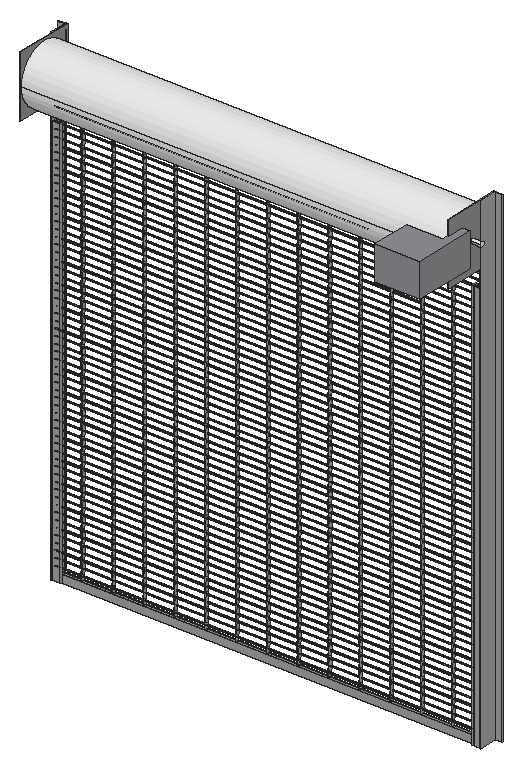
Revit family "Doors_Industrial_Overhead-Door-Corporation_Upward-Coiling-Security-Grilles-670_", category Specialty Equipment, host Wall, Revit 2019
Family settings
  Host = Wall
  Round Connector Dimension = Use Diameter
  Part Type = Normal
  OmniClass Number = 23.30.10.21.34
  OmniClass Title = Industrial Doors
  Always vertical = Yes
  Cut with Voids When Loaded = Yes
  Shared = No
  Room Calculation Point = No
Parameters (values of type "115 volts, one phase, 60 Hz (110-120V range)")
  Warning Sign [instance] = if(Calculated Area > 683.00 SF, 1 = 1, 1 = 2)  # no
  Warning (Note) [instance] = if(Warning Sign, "The Door Area is out of the limit; please adjust accordingly. The maximum allowed area is 683 sq. ft.", if(Opening Height > 360", "Headroom Clearance Dimensions - out of the limits. Consult Factory", " "))  # " "
  Wall Thickness [instance] = 6"
  Voltage = 115 V
  True Opening Width [instance] = if(Between Jambs Mounting, Door Width True, Clear Width)  # 120"
  True Opening Height [instance] = if(Between Jambs Mounting, Clear Height + Headroom Height, Clear Height)  # 120"
  M2 Value [instance] = if(Face Of Wall Mounting, 4 3/4", 5 1/2")  # 4 3/4"
  Jamb Offset 2 [instance] = if(Between Jambs Mounting, BJ Displacement Real 2 + G Value, 0")  # 0"
  Door Half 1 [instance] = if(Between Jambs Mounting, Clear Width / 2 + BJ Displacement Real 1 + G Value, Clear Width / 2 + M1 Value)  # 64 3/4"
  Curtain Type [instance] = if(Curtain Option < 2, "Lattice", if(Curtain Option = 2, "Brick", "Lexan"))  # "Lattice"
  Curtain Option [instance] = 1
  Slat Length [instance] = Clear Width + G Value * 2 - 1" / 2 * 2  # 124"
  Slat Height [instance] = if(Curtain Option < 3, 8", 11 1/2")  # 8"
  Slat [instance] = if(Curtain Option < 2, 1, if(Curtain Option = 2, 2, 3))  # 1
  Product Page URL = "https://www.overheaddoor.com/upward-coiling-security-grilles-670"
  Power Factor = 1
  Powder Coat (Note) = "PowderGuard® Premium powder coat finish options are available in approximately 200 colors as well as custom matching to specification. PowderGuard® Textured finish, a thicker, more scratch resistant coat, is available in 11 colors providing enhanced scratch resistance as well as aiding in hiding the dirt and blemishes that often occur in commercial environments.​"  # constant formula
  Operator Visibility = yes
  Operation (Note) [instance] = "Door could operate by manual push, crank, electrical operator or chain hoist. Manual push up and crank could be used up to 80 sf, for larger door sizes you have to use Chain Hoist operator."  # constant formula
  Opening Width Real [instance] = if(Opening Width > Max Opening Width, Max Opening Width, if(Opening Width < Min Opening Width, Min Opening Width, Opening Width))  # 120"
  Opening Width [instance] = 120"
  Opening Height Real [instance] = if(Opening Height > Max Opening Height, Max Opening Height, if(Opening Height < Min Opening Height, Min Opening Height, Opening Height))  # 120"
  Opening Height [instance] = 120"
  One Array element [instance] = not(Array Vis)  # no
  Number of Poles = 1
  Motor Type [instance] = if(Between Jambs Mounting, if(Motor Option < 2, "CDX", if(Motor Option = 2, "E-Egress", if(Motor Option = 3, "RSX Front of Hood", "RSX Top of Hood"))), if(Motor Option < 2, "CDX", if(Motor Option = 2, "E-Egress", if(Motor Option = 3, "RSX Front of Hood", if(Motor Option = 4, "RSX Top of Hood", if(Motor Option = 5, "RSX Wall Mount", "RSX Bench Mount"))))))  # "CDX"
  Motor Selection (Note) [instance] = "Generic operator shown. Contact Overhead Door when dimensions are critical. "  # constant formula
  Motor Position [instance] = M1 Value - G Value  # 2 1/4"
  Motor Option Real [instance] = if(Between Jambs Mounting, if(Motor Option < 1, 1, if(Motor Option > 4, 4, Motor Option)), if(Motor Option < 1, 1, if(Motor Option > 6, 6, Motor Option)))  # 1
  Motor Option [instance] = 1
  Min Opening Width [instance] = 76"  # constant formula
  Min Opening Height [instance] = 76"  # constant formula
  Max Opening Width [instance] = 364"  # constant formula
  Max Opening Height [instance] = 208"  # constant formula
  M1 Value [instance] = if(Face Of Wall Mounting, 4 3/4", if(Chain Hoist or Manual, 5 1/2", 9 1/2"))  # 4 3/4"
  Lookup BD (A) [instance] = if(or(Opening Height Real < 79", Opening Height Real = 79"), 15", if(or(Opening Height Real < 130", Opening Height Real = 130"), 17", if(or(Opening Height Real < 190", Opening Height Real = 190"), 19", if(or(Opening Height Real < 234", Opening Height Real = 234"), 21", if(or(Opening Height Real < 270", Opening Height Real = 270"), 23", 25")))))  # 17"
  Jamb Offset 1 [instance] = if(Between Jambs Mounting, BJ Displacement Real 1 + G Value, 0")  # 0"
  Installation Real [instance] = if(Between Jambs Mounting, if((Wall Thickness / 2 - Guid Depth / 2) < 0", 0", Wall Thickness / 2 - Guid Depth / 2), Wall Thickness)  # 6"
  Hood Type [instance] = if(Hood Option < 2, "No Hood", if(Hood Option = 2, "Square Hood", if(Hood Option = 3, "Octagon Hood", "Round Hood")))  # "No Hood"
  Hood Option [instance] = 1
  Hood Offset [instance] = if(Chain Hoist or Manual, 3", 5")  # 5"
  Hood Material [instance] = Metal - Overhead Door - Gray
  Hood Height [instance] = [Lookup HH (B)]  # 18"
  Lookup HH (B) [instance] = if(or(Opening Height Real < 79", Opening Height Real = 79"), 16", if(or(Opening Height Real < 130", Opening Height Real = 130"), 18", if(or(Opening Height Real < 190", Opening Height Real = 190"), 20", if(or(Opening Height Real < 234", Opening Height Real = 234"), 22", if(or(Opening Height Real < 270", Opening Height Real = 270"), 24", 26")))))  # 18"
  Headroom Height Real [instance] = [Lookup HH (B)] + Hood Offset  # 23"
  Headroom Height [instance] = if(Between Jambs Mounting, Headroom Height Real, if(Hood Option > 1, Headroom Height Real + 1 1/2", Headroom Height Real))  # 23"
  Guide Type [instance] = if(Between Jambs Mounting, "Angled Between Jambs Z Guide", "Angled Z Guide")  # "Angled Z Guide"
  Guide Option [instance] = if(Between Jambs Mounting, 1, 2)  # 2
  Guid Depth [instance] = if(Between Jambs Mounting, D Value + 1/4", D Value)  # 5 1/2"
  G Value [instance] = 2 1/2"  # constant formula
  Frequency = 60 Hz
  Face of Wall Offset [instance] = if(Between Jambs Mounting, 0", 5")  # 5"
  Face Of Wall Mounting [instance] = not(Between Jambs Mounting)  # yes
  Door Width True [instance] = if(Between Jambs Mounting, Clear Width + BJ Displacement Real 1 + BJ Displacement Real 2 + G Value * 2, Clear Width + M1 Value + M2 Value)  # 129 1/2"
  Door Width (Real) [instance] = if(Between Jambs Mounting, Clear Width, Clear Width + 1" / 2)  # 120 1/2"
  Door Height True [instance] = Clear Height + Headroom Height  # 143"
  Door Height (Real) [instance] = Clear Height + Hood Offset  # 125"
  URL = "https://www.overheaddoor.com/"
  Product data url = "https://www.bimobject.com/overhead-door/product/upward-coiling-security-grilles-670"
  Product Guid = "38fa45e2-4d64-4162-86b7-279b625c2ae0"
  Model = "670"  # constant formula
  Manufacturer = "Overhead Door Corporation"  # constant formula
  Wall Closure = By host
  Floor To (CL) of Shaft [instance] = Clear Height + Hood Height / 2 + Hood Offset  # 134"
  Finish Material = Metal - Overhead Door - Aluminum
  Description = "Model 670 Security Grille"  # constant formula
  D Value [instance] = 5 1/2"  # constant formula
  Curtain Material [instance] = Metal - Overhead Door - Aluminum
  Clear Width [instance] = if(Between Jambs Mounting, Opening Width Real - BJ Displacement Real 1 - BJ Displacement Real 2 - G Value * 2, Opening Width Real)  # 120"
  Clear Height [instance] = if(Between Jambs Mounting, Opening Height Real - Headroom Height, Opening Height Real)  # 120"
  Chain Hoist or Manual = no
  Current = 20 A
  Connector Array Distance = 0"  # constant formula
  Connector Array = if(Chain Hoist or Manual, 2, 3)  # 3
  Between Jambs Mounting [instance] = no
  Between Jambs Guides Offset 2 [instance] = M2 Value - G Value  # 2 1/4"
  Between Jambs Guides Offset 1 [instance] = M1 Value - G Value  # 2 1/4"
  Bar [instance] = if(and(Hood Option > 1, Face Of Wall Mounting), 1 = 1, 1 = 2)  # no
  Backroom Depth [instance] = [Lookup BD (A)]  # 17"
  BJ Opening Cut [instance] = if(Between Jambs Mounting, Headroom Height, 0")  # 0"
  BJ Displacement Real 2 [instance] = if(Between Jambs Mounting, Between Jambs Guides Offset 2, 0")  # 0"
  BJ Displacement Real 1 [instance] = if(Between Jambs Mounting, Between Jambs Guides Offset 1, 0")  # 0"
  Array Vis [instance] = if(Array < 2, 1 = 2, 1 = 1)  # yes
  Array Real [instance] = if(Array < 2, 2, Array)  # 16
  Array Length [instance] = (Array) * Slat Height  # 128"
  Array [instance] = rounddown(([Door Height (Real)] - 3") / Slat Height) + 1  # 16
  Calculated Area [instance] = [Door Width (Real)] * [Door Height (Real)]  # 104.601 SF
  Apparent Load Phase 3 = if(Number of Poles = 1, 0 VA, (Voltage * Current * sqrt(3)) / 3)  # 0 VA
  Apparent Load Phase 2 = if(Number of Poles = 1, 0 VA, (Voltage * Current * sqrt(3)) / 3)  # 0 VA
  Apparent Load Phase 1 = if(Number of Poles = 1, Voltage * Current, (Voltage * Current * sqrt(3)) / 3)  # 2300 VA
Reference planes (in)
  plane 1 "Center (Front/Back)": y = -14.625
  plane 2 "Center (Left/Right)": x = 0
  plane 3 "Left": x = -60
  plane 4 "Right": x = 60
  plane 5 "Exterior": y = -8.625
  plane 6 "Interior": y = -14.625
  plane 7: x = 64.75
  plane 8: x = -64.75
  plane 9: z = 120
  plane 10 "Main": y = -19.75
  plane 11 "Backroom Depth": y = -32.125
  plane 12 "Main Door Block": y = -15.125
  plane 13 "Bottom Bar": z = 2.75
  plane 14: y = -20.125
  plane 15: z = 130.75
  plane 16: z = 143
  plane 17: z = 125
  plane 18: z = 144.5
  plane 19: z = 0
  plane 20: z = 60
  plane 21: y = -19.625
  plane 22: y = 18.375
  plane 23: y = -41.625
  plane 24 "Headroom Top": z = 143
  plane 25: z = 134
  plane 26: x = 62.5
  plane 27: x = -62.5
  plane 28: z = 122.75
Forms (in)
  Extrusion 1, void
    sketch origin (0, -15.125, 0) x (0, 0, -1) y (-1, 0, 0)
      loop
        line (-120, 60) -> (-120, -60) -> (0, -60) -> (0, 60) -> (-120, 60)
    from 0.5 to 6.5
  Extrusion 2, solid, material "Metal - Overhead Door - Gray" <- "Hood Material", visible <- "Bar"
    sketch origin (0, 0, 0) x (0, 1, 0) y (0, 0, 1)
      loop
        line (-14.875, 143) -> (-14.625, 143) -> (-14.625, 144.5) -> (-14.875, 144.5) -> (-14.875, 143)
    from -62.25 to 62.25
Lines and regions (in)
  symbolic lines, visible <- "Bar"
    curve 1: line (62.25, -14.625, 0) -> (-62.25, -14.625, 0)
    curve 2: line (-62.25, -14.875, 0) -> (62.25, -14.875, 0)
Text (in)
  text "Exterior" at (-74.96733, 27.31104, 0), in view "Ref. Level"
  text "Interior" at (-74.96733, -25.14366, 0), in view "Ref. Level"
  text "Exterior" at (0, 40.15149, 123.01588), in view "Right"
  text "Interior" at (0, -64.39139, 123.01588), in view "Right"
  text "Interior" at (0, -31.01599, 123.00693), in view "Left"
  text "Exterior" at (0, 54.57065, 123.00693), in view "Left"
Dimensions and locks (in)
  equal spacing: plane 3 "Left", plane 2 "Center (Left/Right)", plane 4 "Right"
  "Clear Width": plane 3 "Left" to plane 4 "Right"
  level to host wall = 459.59655"
  "Clear Height": level to plane 9
  plane 7 to plane 8 = 129 1/2"
  locked: plane 13 "Bottom Bar" to level at 2.75
  "Door Width True": plane 7 to plane 8
  "Array Length": plane 15 to plane 13 "Bottom Bar"
  "Backroom Depth": plane 11 "Backroom Depth" to plane 12 "Main Door Block"
  "Hood Height": plane 16 to plane 17
  locked: plane 18 to plane 16 at 1.5
  locked: Extrusion 2 sketch curve to Extrusion 2 sketch curve at 0.25
  "Installation Real": plane 1 "Center (Front/Back)" to plane 5 "Exterior"
  "Wall Thickness": host wall to host wall
  equal spacing: plane 9, plane 20, plane 19
  equal spacing: plane 22, host wall, plane 23
  locked: plane 22 to plane 23 at 60
  "BJ Opening Cut": Extrusion 1 sketch curve to plane 9
  locked: Extrusion 2 sketch curve to Extrusion 2 sketch curve at 1.5
  "Hood Offset": plane 17 to plane 9
  "Headroom Height": plane 24 "Headroom Top" to plane 9
  "Floor To (CL) of Shaft": plane 25 to level
  "Jamb Offset 1": plane 4 "Right" to Extrusion 1 sketch curve
  "Jamb Offset 2": Extrusion 1 sketch curve to plane 3 "Left"
  "Between Jambs Guides Offset 1": plane 7 to plane 26
  "Between Jambs Guides Offset 2": plane 27 to plane 8
  locked: plane 27 to Extrusion 2 at 0.25
  locked: Extrusion 2 to plane 26 at 0.25
  "Guid Depth": plane 14 to plane 1 "Center (Front/Back)"
  "Slat Height": plane 15 to plane 28
  equal spacing: group 1, group 3, group 4, group 5, group 6, group 7, group 8, group 9, group 10, group 11, group 12, group 13, group 14, group 15, group 16, group 2  (x3)
  locked: plane 14 to plane 10 "Main" at 0.375
  locked: plane 14 to plane 21 at 0.5
  "Door Half 1": plane 7 to plane 2 "Center (Left/Right)"
  aligned and locked: plane 5 "Exterior" to host wall
  aligned and locked: host wall to plane 6 "Interior"
  aligned and locked: level to Extrusion 1 sketch curve
  aligned and locked: Extrusion 1 to plane 5 "Exterior"
  aligned and locked: plane 6 "Interior" to Extrusion 1
  aligned and locked: nested 1 to plane 2 "Center (Left/Right)"
  aligned and locked: plane 16 to nested 2
  aligned and locked: nested 1 to level
  aligned and locked: Extrusion 2 sketch curve to plane 18
  aligned and locked: Extrusion 2 sketch curve to plane 6 "Interior"
  aligned and locked: curve 1 to Extrusion 2  (x2)
  aligned and locked: curve 2 to Extrusion 2  (x2)
  aligned and locked: Extrusion 2 to curve 2
  aligned and locked: plane 5 "Exterior" to nested 2
  aligned and locked: level to plane 19
  aligned and locked: nested 1 to plane 1 "Center (Front/Back)"
  aligned and locked: plane 2 "Center (Left/Right)" to nested 3
  aligned and locked: nested 3 to plane 22
  aligned and locked: plane 23 to nested 4
  aligned and locked: nested 4 to plane 2 "Center (Left/Right)"
  aligned and locked: nested 5 to plane 20
  aligned and locked: plane 2 "Center (Left/Right)" to nested 5
  aligned and locked: nested 2 to plane 26
  aligned and locked: plane 13 "Bottom Bar" to nested 6
  aligned and locked: plane 28 to nested 7
  aligned and locked: nested 5 to plane 21
  aligned and locked: nested 6 to plane 10 "Main"
  aligned and locked: nested 7 to plane 10 "Main"
Automatic sketch dimensions
  curve 1 to curve 2 = 0"
Nested families (in)
  nested 1: "Lifts" at (0, -14.625, 0) x (-1, 0, 0) z (0, 0, 1), type "Frame Unit"
    with Square Hood no, Round Hood no, Octagon Hood no
  nested 2: "Motor" at (62.0605, -31.625, 125), visible <- "Operator Visibility", type "Trolley Motor"
    with Not Chain Hoist no, Not Bench + Top yes, Horizontal Mount 0", Vertical Mount 18", Motor Option 1, Hood Mount 6.81", Face+Top no, Face Mount RSX no, Face + Top + Bench no, E-Egress no, Chain V Offset 9", Chain H Offset 0", CH Real no, CDX yes
  nested 3: "Label Annotation 1" at (0, 18.375, 0), visible <- "Warning Sign", type "Label Annotation 1"
  nested 4: "Label Annotation 1" at (0, -41.625, 0) x (-1, 0, 0) z (0, 0, 1), visible <- "Warning Sign", type "Label Annotation 1"
  nested 5: "Warning Sign" at (0, -19.625, 60), visible <- "Warning Sign", type "Warning Sign"
    with Warning Sign no
  nested 6: "670" at (0, -19.75, 2.75), visible <- "Array Vis", type "Standard - Gray"
    with Opening Width 124"
  nested 7: "670" at (0, -19.75, 122.75), visible <- "Array Vis", type "Standard - Gray"
    with Opening Width 124"
  nested 8: "670" at (0, -19.75, 10.75), visible <- "Array Vis", type "Standard - Gray"
    with Opening Width 124"
  nested 9: "670" at (0, -19.75, 18.75), visible <- "Array Vis", type "Standard - Gray"
    with Opening Width 124"
  nested 10: "670" at (0, -19.75, 26.75), visible <- "Array Vis", type "Standard - Gray"
    with Opening Width 124"
  nested 11: "670" at (0, -19.75, 34.75), visible <- "Array Vis", type "Standard - Gray"
    with Opening Width 124"
  nested 12: "670" at (0, -19.75, 42.75), visible <- "Array Vis", type "Standard - Gray"
    with Opening Width 124"
  nested 13: "670" at (0, -19.75, 50.75), visible <- "Array Vis", type "Standard - Gray"
    with Opening Width 124"
  nested 14: "670" at (0, -19.75, 58.75), visible <- "Array Vis", type "Standard - Gray"
    with Opening Width 124"
  nested 15: "670" at (0, -19.75, 66.75), visible <- "Array Vis", type "Standard - Gray"
    with Opening Width 124"
  nested 16: "670" at (0, -19.75, 74.75), visible <- "Array Vis", type "Standard - Gray"
    with Opening Width 124"
  nested 17: "670" at (0, -19.75, 82.75), visible <- "Array Vis", type "Standard - Gray"
    with Opening Width 124"
  nested 18: "670" at (0, -19.75, 90.75), visible <- "Array Vis", type "Standard - Gray"
    with Opening Width 124"
  nested 19: "670" at (0, -19.75, 98.75), visible <- "Array Vis", type "Standard - Gray"
    with Opening Width 124"
  nested 20: "670" at (0, -19.75, 106.75), visible <- "Array Vis", type "Standard - Gray"
    with Opening Width 124"
  nested 21: "670" at (0, -19.75, 114.75), visible <- "Array Vis", type "Standard - Gray"
    with Opening Width 124"
Connectors (in)
  electrical at (65.0485, -30.23077, 135.5698), driven by "Apparent Load Phase 1", driven by "Power Factor", driven by "Voltage", driven by "Apparent Load Phase 2", driven by "Apparent Load Phase 3", driven by "Number of Poles"
    settings: on nested 2, index 1, voltage 115 V, apparent load 0 VA, apparent load phase1 2300 VA, apparent load phase2 0 VA, apparent load phase3 0 VA, power factor 1, load classification "Other", number of poles 1, system type 31, power factor state 1, is connector primary yes, connector utility no, sub classification motor no, connector description "Electrical Connector"
Definition of nested family "Lifts"
  Parameters (values of type "Frame Unit")
    True Width = if(Between Jambs, Opening Width, Opening Width + 1/2")  # 120 1/2"
    Square Hood [instance] = if(Hood Option = 2, 1 = 1, 1 = 2)  # no
    Slat Option = 1
    Round Hood [instance] = if(Hood Option > 3, 1 = 1, 1 = 2)  # no
    Rough Width = 0"
    Rough Height = 0"
    Octagon Hood [instance] = if(Hood Option = 3, 1 = 1, 1 = 2)  # no
    No Hood = if(Hood Option < 2, 1 = 1, 1 = 2)  # yes
    M2 Value = 4 3/4"
    M1 Value = 4 3/4"
    Hood Type = if(Hood Option < 2, "No Hood", if(Hood Option = 2, "Square Hood", if(Hood Option = 3, "Octagon Hood", "Round Hood")))  # "No Hood"
    Hood Option = 1
    Hood Offset = 5"
    Hood Height = Headroom Height Real - Hood Offset  # 18"
    Headroom Height Real = Headroom Height  # 23"
    Half Octagon Side = (Radius Hood * 2 * tan(180.00° / 8)) / 2  # 3.52082"
    Half Hood Height = Headroom Height - Hood Offset  # 18"
    Guide2 Offset = BJ2 Displacement + G Value  # 2 1/2"
    Guide Z2 Wide = if(Between Jambs, Guide2 Offset - G Value + BJ2 Connection Length - BJ2 Displacement * 2 / 3, M2 Value - G Value)  # 2 1/4"
    G Value = 2 1/2"
    E2 Guide Width = if(Between Jambs, Guide2 Offset - G Value + BJ2 Connection Length - BJ2 Displacement * 2 / 3, 3")  # 3"
    E1 Guide Width = if(Between Jambs, Guide1 Offset - G Value + BJ1 Connection Length - BJ1 Displacement * 2 / 3, 3")  # 3"
    E Guide Height = D Value - 1/2"  # 5"
    Z Guide = 1 = 1  # yes
    Slat Material = none
    Shaft Offset = if(Hood Option > 3, (Header Width - (Header Width - Hood Height)) / 2, if(Hood Height < Header Width, (Header Width - (Header Width - Hood Height)) / 2, Header Width / 2))  # 8 1/2"
    Shaft Material = none
    Shaft Length 2 = if(Between Jambs, G Value + BJ2 Displacement, G Value + 3")  # 5 1/2"
    Shaft Length 1 = if(Between Jambs, G Value + BJ1 Displacement, G Value + 3")  # 5 1/2"
    Setback = 0"  # constant formula
    Radius Hood = Shaft Offset  # 8 1/2"
    Opening Width = 120"
    Hood Material = none
    Headroom Height = 23"
    Header Width = 17"
    Opening Height = 120"
    Guide Type = if(Between Jambs, "Angled Between Jambs Z Guide", if(Guide Option > 1, "Angled Z Guide", "Angled E Guide"))  # "Angled Z Guide"
    Guide Option = if(Between Jambs, 1, 2)  # 2
    Guide1 Offset = BJ1 Displacement + G Value  # 2 1/2"
    Guide Z1 Wide = if(Between Jambs, Guide1 Offset - G Value + BJ1 Connection Length - BJ1 Displacement * 2 / 3, M1 Value - G Value)  # 2 1/4"
    Guide Z Height = D Value  # 5 1/2"
    Floor To (CL) of Shaft = 134"
    Finish Material = none
    Face to Wall Mount = not(Between Jambs)  # yes
    E Guide = if(Between Jambs, 1 = 1, 1 = 2)  # no
    D Value = 5 1/2"
    Custom Hood = not(No Hood)  # no
    Between Jambs = no
    BJ2 Displacement = 0"
    BJ2 Connection Length = 1 / 3 * BJ2 Displacement  # 0"
    BJ Position = if(Between Jambs, 1/4", 0")  # 0"
    BJ1 Displacement = 0"
    BJ1 Connection Length = 1 / 3 * BJ1 Displacement  # 0"
    Angled Guide = 1 = 1  # yes
  Reference planes (in)
    plane 1 "Center (Front/Back)": y = 0
    plane 2: z = 0
    plane 3 "Center (Left/Right)": x = 0
    plane 4 "Opening Height": z = 120
    plane 5: x = -65.5
    plane 6: x = 65.5
    plane 7: z = 143
    plane 8: y = 17
    plane 9 "Real Opening 2": x = -60
    plane 10 "Real Opening 1": x = 60
    plane 11: z = 125
    plane 12 "Main": y = 0
    plane 13: z = 134
    plane 14: y = 8.5
    plane 15: x = 62.5
    plane 16: x = -62.5
    plane 17: x = -62.5
    plane 18: x = 62.5
    plane 19: y = 5.5
    plane 20: x = -62.25
    plane 21: x = 62.25
    plane 22: y = 8.5
    plane 23: z = 144.5
    plane 24: y = 5.5
    plane 25: y = 4.75
    plane 26: y = 5.5
    plane 27: y = 4.75
    plane 28: y = 8.5
  Forms (in)
    Extrusion 1, solid, material <- "Slat Material"
      sketch origin (0, 0, 0) x (0, 1, 0) y (0, 0, 1)
        loop
          line (5, 2.375) -> (5, 2.75) -> (4.5, 2.75) -> (4.5, 2.375) -> (5, 2.375)
      from -62.25 to 62.25
    Extrusion 2, solid, material <- "Slat Material"
      sketch origin (0, 0, 0) x (0, 1, 0) y (0, 0, 1)
        loop
          line (5, 2.375) -> (4.5, 2.375) -> (4.5, 0) -> (5, 0) -> (5, 2.375)
      from -62.25 to 62.25
    Extrusion 3, solid, material <- "Shaft Material"
      sketch origin (0, -5.35201, 0) x (0, 1, 0) y (0, 0, 1)
        loop
          circle (13.85201, 134) r 0.6
      from -65.5 to 65.5
    Extrusion 4, solid, material <- "Hood Material", visible <- "Square Hood"
      sketch origin (0, 0, 0) x (0, 1, 0) y (0, 0, 1)
        loop
          line (0, 125) -> (17, 125) -> (17, 143) -> (0, 143) -> (0, 125)
      from -62.25 to 62.25
    Extrusion 5, solid, material <- "Hood Material", visible <- "Round Hood"
      sketch origin (0, 0, 0) x (0, 1, 0) y (0, 0, 1)
        loop
          line (0, 143) -> (0, 125) -> (8.5, 125)
          arc (8.5, 125) -> (17.5, 134) -> (8.5, 143) r 9
          line (8.5, 143) -> (0, 143)
      from -62.25 to 62.25
    Extrusion 6, solid, material <- "Finish Material", visible <- "E Guide"
      sketch origin (0, 0, 0) x (1, 0, 0) y (0, 1, 0)
        loop
          line (59.5, 0) -> (62.312, 0)
          arc (62.312, 0) -> (62.44494, 0.05506) -> (62.5, 0.188) r 0.188
          line (62.5, 0.188) -> (62.5, 5) -> (62.25, 5) -> (62.25, 0.25) -> (59.5, 0.25) -> (59.5, 0)
        loop
          line (-59.5, 0) -> (-59.5, 0.25) -> (-62.25, 0.25) -> (-62.25, 5) -> (-62.5, 5) -> (-62.5, 0.188)
          arc (-62.5, 0.188) -> (-62.44494, 0.05506) -> (-62.312, 0) r 0.188
          line (-62.312, 0) -> (-59.5, 0)
      from 0 to 143
    Extrusion 7, solid, material <- "Finish Material", visible <- "Z Guide"
      sketch origin (0, 0, 0) x (1, 0, 0) y (0, 1, 0)
        loop
          line (64.75, 0) -> (64.75, 0.25) -> (62.75, 0.25) -> (62.75, 5.5) -> (62.5, 5.5) -> (62.5, 0.188)
          arc (62.5, 0.188) -> (62.55506, 0.05506) -> (62.688, 0) r 0.188
          line (62.688, 0) -> (64.75, 0)
        loop
          line (-64.75, 0) -> (-62.688, 0)
          arc (-62.688, 0) -> (-62.55506, 0.05506) -> (-62.5, 0.188) r 0.188
          line (-62.5, 0.188) -> (-62.5, 5.5) -> (-62.75, 5.5) -> (-62.75, 0.25) -> (-64.75, 0.25) -> (-64.75, 0)
      from 0 to 143
    Extrusion 8, solid, material <- "Finish Material", visible <- "Angled Guide"
      sketch origin (0, 0, 0) x (1, 0, 0) y (0, 1, 0)
        loop
          line (60, 5.5) -> (60, 5) -> (60.5625, 5) -> (60.5625, 5.3125) -> (62.3125, 5.3125) -> (62.3125, 4.1875) -> (60.5625, 4.1875) -> (60.5625, 4.5) -> (60, 4.5) -> (60, 4) -> (62.5, 4) -> (62.5, 5.5) -> (60, 5.5)
        loop
          line (-60, 5.5) -> (-62.5, 5.5) -> (-62.5, 4) -> (-60, 4) -> (-60, 4.5) -> (-60.5625, 4.5) -> (-60.5625, 4.1875) -> (-62.3125, 4.1875) -> (-62.3125, 5.3125) -> (-60.5625, 5.3125) -> (-60.5625, 5) -> (-60, 5) -> (-60, 5.5)
      from 0 to 120
    Extrusion 9, solid, material <- "Hood Material"
      sketch origin (0, 0, 0) x (-1, 0, 0) y (0, 0, 1)
        loop
          line (62.25, 125) -> (62.5, 125) -> (62.5, 143) -> (62.25, 143) -> (62.25, 125)
        loop
          line (-62.5, 125) -> (-62.25, 125) -> (-62.25, 143) -> (-62.5, 143) -> (-62.5, 125)
      from 0 to 17
    Extrusion 10, solid, material <- "Shaft Material", visible <- "No Hood"
      sketch origin (0, 0, 0) x (0, 1, 0) y (0, 0, 1)
        loop
          circle (8.5, 134) r 8.5
      from -62.25 to 62.25
    Extrusion 11, solid, material <- "Hood Material", visible <- "Octagon Hood"
      sketch origin (0, 0, 0) x (0, 1, 0) y (0, 0, 1)
        loop
          line (0, 143) -> (0, 125) -> (12.02082, 125) -> (17, 130.47918) -> (17, 137.52082) -> (12.02082, 143) -> (0, 143)
      from -62.25 to 62.25
  Lines and regions (in)
    Masking region 1
      outline origin (0, 0, 0) x (1, 0, 0) y (0, 1, 0)
        loop
          line (65.5, 9.1) -> (62.5, 9.1) -> (62.5, 7.9) -> (65.5, 7.9) -> (65.5, 9.1)
        loop
          line (-65.5, 7.9) -> (-62.5, 7.9) -> (-62.5, 9.1) -> (-65.5, 9.1) -> (-65.5, 7.9)
    Masking region 2, visible <- "Z Guide"
      outline origin (0, 0, 0) x (1, 0, 0) y (0, 1, 0)
        loop
          line (-62.5, 0.188) -> (-62.5, 5.5) -> (-62.75, 5.5) -> (-62.75, 0.25) -> (-64.75, 0.25) -> (-64.75, 0) -> (-62.688, 0)
          arc (-62.688, 0) -> (-62.55506, 0.05506) -> (-62.5, 0.188) r 0.188
        loop
          line (62.5, 5.5) -> (62.5, 0.188)
          arc (62.5, 0.188) -> (62.55506, 0.05506) -> (62.688, 0) r 0.188
          line (62.688, 0) -> (64.75, 0) -> (64.75, 0.25) -> (62.75, 0.25) -> (62.75, 5.5) -> (62.5, 5.5)
    Masking region 3, visible <- "E Guide"
      outline origin (0, 0, 0) x (1, 0, 0) y (0, 1, 0)
        loop
          line (62.5, 0.188) -> (62.5, 5) -> (62.25, 5) -> (62.25, 0.25) -> (59.5, 0.25) -> (59.5, 0) -> (62.312, 0)
          arc (62.312, 0) -> (62.44494, 0.05506) -> (62.5, 0.188) r 0.188
        loop
          line (-62.25, 0.25) -> (-62.25, 5) -> (-62.5, 5) -> (-62.5, 0.188)
          arc (-62.5, 0.188) -> (-62.44494, 0.05506) -> (-62.312, 0) r 0.188
          line (-62.312, 0) -> (-59.5, 0) -> (-59.5, 0.25) -> (-62.25, 0.25)
    Masking region 4, visible <- "No Hood"
      outline origin (0, 0, 0) x (1, 0, 0) y (0, 1, 0)
        loop
          line (-62.25, 17) -> (-62.25, 0) -> (62.25, 0) -> (62.25, 17) -> (-62.25, 17)
    Masking region 5, visible <- "Custom Hood"
      outline origin (0, 0, 0) x (1, 0, 0) y (0, 1, 0)
        loop
          line (-62.25, 17) -> (-62.25, 0) -> (62.25, 0) -> (62.25, 17) -> (-62.25, 17)
    Masking region 6
      outline origin (0, 0, 0) x (1, 0, 0) y (0, 1, 0)
        loop
          line (-62.5, 17) -> (-62.5, 0) -> (-62.25, 0) -> (-62.25, 17) -> (-62.5, 17)
        loop
          line (62.25, 17) -> (62.25, 0) -> (62.5, 0) -> (62.5, 17) -> (62.25, 17)
    symbolic lines
      curve 1: line (-62.25, 0, 0) -> (-62.25, 17, 0)
      curve 2: line (62.25, 17, 0) -> (62.25, 0, 0)
    symbolic lines, visible <- "Octagon Hood"
      curve 3: line (-62.25, 12.02082, 0) -> (62.25, 12.02082, 0)
  Dimensions and locks (in)
    Extrusion 1 sketch curve to level = 2 3/8"
    locked: Extrusion 1 sketch curve to Extrusion 1 sketch curve at 0.5
    locked: Extrusion 2 sketch curve to level at 2.375
    "Headroom Height Real": plane 7 to plane 4 "Opening Height"
    plane 8 to plane 1 "Center (Front/Back)" = 17"
    "Radius Hood": Extrusion 5 sketch curve to plane 8
    "Opening Height": plane 4 "Opening Height" to level
    "Hood Offset": plane 11 to plane 4 "Opening Height"
    "BJ Position": plane 12 "Main" to plane 1 "Center (Front/Back)"
    "Header Width": plane 12 "Main" to plane 8
    "Floor To (CL) of Shaft": plane 13 to level
    "Shaft Offset": Extrusion 3 sketch curve to plane 8
    locked: Extrusion 2 sketch curve to Extrusion 2 sketch curve at 0.5
    "Shaft Offset": plane 8 to plane 14
    locked: Masking region 1 sketch curve to Masking region 1 sketch curve at 1.2
    locked: Masking region 1 sketch curve to plane 14 at 0.6
    "Guide2 Offset": plane 10 "Real Opening 1" to plane 15
    "Guide1 Offset": plane 16 to plane 9 "Real Opening 2"
    locked: Extrusion 6 sketch curve to Extrusion 6 sketch curve at 0.25  (x4)
    "E Guide Height": Extrusion 6 sketch curve to Extrusion 6 sketch curve  (x2)
    "E2 Guide Width": Extrusion 6 sketch curve to Extrusion 6 sketch curve
    "E1 Guide Width": Extrusion 6 sketch curve to Extrusion 6 sketch curve
    locked: Extrusion 7 sketch curve to Extrusion 7 sketch curve at 0.25  (x4)
    "Guide Z2 Wide": Extrusion 7 sketch curve to Extrusion 7 sketch curve
    "Guide Z Height": Extrusion 7 sketch curve to Extrusion 7 sketch curve  (x2)
    "Guide Z1 Wide": Extrusion 7 sketch curve to Extrusion 7 sketch curve
    "G Value": Extrusion 7 sketch curve to plane 9 "Real Opening 2"
    "G Value": plane 10 "Real Opening 1" to Extrusion 7 sketch curve
    "G Value": plane 10 "Real Opening 1" to plane 18
    "G Value": plane 17 to plane 9 "Real Opening 2"
    "Shaft Length 1": plane 5 to plane 9 "Real Opening 2"
    "Shaft Length 2": plane 6 to plane 10 "Real Opening 1"
    locked: Extrusion 2 to plane 18 at 0.25
    locked: Extrusion 2 to plane 17 at 0.25
    locked: plane 17 to plane 20 at 0.25
    locked: plane 21 to plane 18 at 0.25
    "Shaft Offset": Extrusion 10 sketch curve to plane 8
    plane 13 to plane 11 = 9"
    plane 7 to plane 13 = 9"
    "Shaft Offset": plane 22 to plane 8
    "Half Octagon Side": Extrusion 11 sketch curve to plane 13
    "Half Octagon Side": plane 13 to Extrusion 11 sketch curve
    "Half Octagon Side": plane 22 to Extrusion 11 sketch curve  (x2)
    equal spacing: plane 9 "Real Opening 2", plane 3 "Center (Left/Right)", plane 10 "Real Opening 1"
    "Opening Width": plane 9 "Real Opening 2" to plane 10 "Real Opening 1"
    locked: plane 23 to plane 7 at 1.5
    "D Value": plane 1 "Center (Front/Back)" to plane 19
    "D Value": plane 24 to plane 1 "Center (Front/Back)"
    locked: plane 24 to plane 25 at 0.75
    equal spacing: Extrusion 1 sketch curve, plane 25, Extrusion 1 sketch curve
    "D Value": plane 26 to plane 1 "Center (Front/Back)"
    locked: plane 26 to plane 27 at 0.75
    equal spacing: Extrusion 2 sketch curve, plane 27, Extrusion 2 sketch curve
    locked: Extrusion 8 sketch curve to Extrusion 8 sketch curve at 0.5  (x4)
    locked: Extrusion 8 sketch curve to Extrusion 8 sketch curve at 1.5  (x2)
    locked: Extrusion 8 sketch curve to Extrusion 8 sketch curve at 0.5625  (x2)
    locked: Extrusion 8 sketch curve to Extrusion 8 sketch curve at 0.1875  (x6)
    "Setback": Extrusion 8 sketch curve to plane 9 "Real Opening 2"
    "G Value": Extrusion 8 sketch curve to Extrusion 8 sketch curve  (x2)
    "Setback": plane 10 "Real Opening 1" to Extrusion 8 sketch curve
    "Shaft Offset": plane 8 to plane 28
    "Radius Hood": plane 28 to Masking region 4 sketch curve
    "Radius Hood": radius of Extrusion 10 sketch curve
    locked: Extrusion 7 sketch curve to Extrusion 7 sketch curve (radius 0.188")  (x2)
    locked: Extrusion 6 sketch curve to Extrusion 6 sketch curve (radius 0.188")  (x2)
    aligned and locked: plane 2 to level
    aligned and locked: plane 5 to Extrusion 3
    aligned and locked: Extrusion 3 to plane 6
    aligned and locked: Extrusion 4 sketch curve to plane 7
    aligned and locked: Extrusion 4 sketch curve to plane 8
    aligned and locked: Extrusion 5 sketch curve to plane 7
    aligned and locked: plane 13 to Extrusion 3 sketch curve
    aligned and locked: plane 5 to Masking region 1 sketch curve
    aligned and locked: plane 6 to Masking region 1 sketch curve
    aligned and locked: Masking region 1 sketch curve to Masking region 1 sketch curve  (x2)
    aligned and locked: plane 12 "Main" to Extrusion 6 sketch curve  (x2)
    aligned and locked: Extrusion 6 sketch curve to plane 15
    aligned and locked: plane 16 to Extrusion 6 sketch curve
    aligned and locked: Extrusion 7 sketch curve to plane 1 "Center (Front/Back)"  (x2)
    aligned and locked: plane 4 "Opening Height" to Extrusion 8
    aligned and locked: Extrusion 5 sketch curve to plane 12 "Main"
    aligned and locked: plane 12 "Main" to Extrusion 4 sketch curve
    aligned and locked: Extrusion 9 sketch curve to plane 11  (x2)
    aligned and locked: Extrusion 9 sketch curve to plane 7  (x2)
    aligned and locked: plane 17 to Extrusion 9 sketch curve
    aligned and locked: Extrusion 9 sketch curve to plane 18
    aligned and locked: Extrusion 2 to Extrusion 1
    aligned and locked: Extrusion 1 to Extrusion 2
    aligned and locked: Extrusion 9 to curve 1
    aligned and locked: Extrusion 9 to curve 2
    aligned and locked: plane 18 to Masking region 1 sketch curve
    aligned and locked: Masking region 1 sketch curve to plane 17
    aligned and locked: plane 20 to Extrusion 9 sketch curve
    aligned and locked: plane 21 to Extrusion 9 sketch curve
    aligned and locked: plane 20 to Extrusion 4
    aligned and locked: plane 20 to Extrusion 5
    aligned and locked: Extrusion 4 to plane 21
    aligned and locked: Extrusion 5 to plane 21
    aligned and locked: plane 13 to Extrusion 10 sketch curve
    aligned and locked: Extrusion 11 sketch curve to plane 12 "Main"
    aligned and locked: Extrusion 11 sketch curve to plane 7
    aligned and locked: Extrusion 11 sketch curve to plane 11
    aligned and locked: Extrusion 11 sketch curve to plane 8
    aligned and locked: Extrusion 11 to plane 20
    aligned and locked: Extrusion 11 to plane 21
    aligned and locked: plane 20 to Extrusion 10
    aligned and locked: Extrusion 10 to plane 21
    aligned and locked: plane 8 to Extrusion 9
    aligned and locked: Extrusion 11 to curve 3
    aligned and locked: plane 20 to curve 3
    aligned and locked: plane 21 to curve 3
    aligned and locked: plane 7 to Extrusion 7
    aligned and locked: plane 7 to Extrusion 6
    aligned and locked: Extrusion 4 sketch curve to plane 11
    aligned and locked: Extrusion 5 sketch curve to plane 11
    aligned and locked: Extrusion 8 sketch curve to Extrusion 8 sketch curve  (x4)
    aligned and locked: Extrusion 8 sketch curve to plane 19
    aligned and locked: plane 19 to Extrusion 8 sketch curve
    aligned and locked: Masking region 2 sketch curve to Extrusion 7  (x12)
    aligned and locked: Masking region 3 sketch curve to Extrusion 6  (x12)
    aligned and locked: Masking region 4 sketch curve to Extrusion 10  (x2)
    aligned and locked: plane 8 to Masking region 4 sketch curve
    aligned and locked: Masking region 5 sketch curve to Extrusion 4  (x4)
    aligned and locked: Masking region 6 sketch curve to Extrusion 9  (x8)
  Automatic sketch dimensions
    plane 1 "Center (Front/Back)" to curve 2 = 0"
    curve 1 to plane 1 "Center (Front/Back)" = 0"
    curve 2 to plane 8 = 0"
    curve 1 to plane 8 = 0"
    Extrusion 1 sketch curve to Extrusion 1 sketch curve = 3/8"
    Extrusion 2 sketch curve to level = 0"
    radius of Extrusion 3 sketch curve = 0.6"
Definition of nested family "Motor"
  Parameters (values of type "Trolley Motor")
    Wall Mount RSX = if(Chain Hoist, 1 = 2, if(Motor Option = 5, 1 = 1, 1 = 2))  # no
    Top Mount RSX = if(Chain Hoist, 1 = 2, if(Motor Option = 4, 1 = 1, 1 = 2))  # no
    Shaft Material = none
    Real Exterior Wall Offset = if(Wall Mount RSX, Displacement, Exterior Wall Offset)  # 6"
    Not Chain Hoist = not(or(CDX, Chain Hoist))  # yes
    Not Bench + Top = not(or([E-Egress], Top Mount RSX, Chain Hoist, Bench Mount RSX))  # no
    Horizontal Mount = if(or([E-Egress], Face Mount RSX), 5.08" + 0.12" + 2.38", if(Top Mount RSX, 11.19", if(Wall Mount RSX, 5.08", if(Bench Mount RSX, 4.77" + if(or(Hood Width < 14", Hood Width = 14"), 6.13", if(or(Hood Width < 16", Hood Width = 16"), 4.13", 3 1/4")), 0"))))  # 7.58"
    Not Fire King = if(Chain Hoist, 1 = 2, not(Chain Hoist))  # yes
    Vertical Mount = if(or([E-Egress], Face Mount RSX), 11.07" + Hood Height / 2, if(Top Mount RSX, 14.92" - 0.13" - 2.38", if(Wall Mount RSX, 20.03" + 6" + Hood Height / 2, if(Bench Mount RSX, 20" + 2.29" + Hood Height / 2, Hood Height))))  # 20.07"
    Motor Type = if(BJ, if(Motor Option < 2, "CDX", if(Motor Option = 2, "E-Egress", if(Motor Option = 3, "RSX Front of Hood", "RSX Top of Hood"))), if(Motor Option < 2, "CDX", if(Motor Option = 2, "E-Egress", if(Motor Option = 3, "RSX Front of Hood", if(Motor Option = 4, "RSX Top of Hood", if(Motor Option = 5, "RSX Wall Mount", "RSX Bench Mount"))))))  # "E-Egress"
    Motor Option = 2
    Main Material = none
    Hood Width Real = if(Wall Mount RSX, 0", if(Chain Hoist, if(Hood Height < Hood Width, (Hood Width + (Hood Width - Hood Height)) / 2, Hood Width / 2), Hood Width))  # 17"
    Hood Width = 17"
    Hood Material = none
    Hood Height = 18"
    Hood Mount = if(or([E-Egress], Face Mount RSX, Top Mount RSX), 0.37", if(Wall Mount RSX, if(BJ, 12.24" + BJ Displacement, 14.74"), if(Bench Mount RSX, 14.49", if(CDX, 6.81", 4.26"))))  # 0.37"
    Floor To Cl Shaft = 134"
    Fire King RHX = 1 = 2  # no
    Top Option Offset = if(or(Top Mount RSX, Bench Mount RSX), 20", 0")  # 0"
    Face+Top = if(Chain Hoist, 1 = 2, if(or(Face Mount RSX, Top Mount RSX), 1 = 1, 1 = 2))  # yes
    Face Mount RSX = if(Chain Hoist, 1 = 2, if(or(Motor Option = 2, Motor Option = 3), 1 = 1, 1 = 2))  # yes
    Top + Bench = if(Chain Hoist, 1 = 2, if(or(Top Mount RSX, Bench Mount RSX), 1 = 1, 1 = 2))  # no
    Face + Top + Bench = if(Chain Hoist, 1 = 2, if(or(Face Mount RSX, Top Mount RSX, Bench Mount RSX), 1 = 1, 1 = 2))  # yes
    Exterior Wall Offset = 6"
    E-Egress = if(Chain Hoist, 1 = 2, if(Motor Option = 2, 1 = 1, 1 = 2))  # yes
    Displacement = 6"
    Default Elevation = 48"
    Chain V Offset = if(or([E-Egress], Face Mount RSX, Wall Mount RSX), 6.53", if(or(Top Mount RSX, Bench Mount RSX), 18.81", Hood Height / 2))  # 6.53"
    Chain H Offset = if(or(Face Mount RSX, Wall Mount RSX), 1.19", if(or(Top Mount RSX, Bench Mount RSX), 6.53", 0"))  # 1.19"
    Chain Hoist = no
    CH Real = not(CDX)  # yes
    CDX = if(Chain Hoist, 1 = 2, if(Motor Option < 2, 1 = 1, 1 = 2))  # no
    Bench Mount RSX = if(Chain Hoist, 1 = 2, if(Motor Option > 5, 1 = 1, 1 = 2))  # no
    BJ Displacement = 0"
    BJ = no
    Angle = if(or(Bench Mount RSX, Top Mount RSX), 90.00°, 180.00°)  # 180.00°
  Reference planes (in)
    plane 1 "Center (Front/Back)": y = 0
    plane 2: z = 0
    plane 3 "Center (Left/Right)": x = 0
    plane 4: y = 0
    plane 5: y = 1.19
    plane 6: z = -127.47
    plane 7: z = -97.47
    plane 8: z = 6.53
    plane 9 "Chain Hoist": z = 6.53
    plane 10 "Top Of Hood": z = 20.07
    plane 11: y = 7.58
    plane 12: z = 0
    plane 13 "Hood Face": x = 6.8795
    plane 14: x = 7.2495
    plane 15: y = 24.58
    plane 16 "Wall": y = 30.58
  Forms (in)
    Extrusion 1, solid, material <- "Main Material", visible <- "Not Chain Hoist"
      sketch origin (0, 0, 18.8898) x (1, 0, 0) y (0, 1, 0)
        loop
          line (-4.134, -2.41307) -> (4.116, -2.41307) -> (4.116, -2.29347) -> (3.108, -2.29347)
          arc (3.108, -2.29347) -> (3.02315, -2.25832) -> (2.988, -2.17347) r 0.12
          line (2.988, -2.17347) -> (2.988, 4.96193) -> (-2.988, 4.96193) -> (-2.988, -2.17347)
          arc (-2.988, -2.17347) -> (-3.02315, -2.25832) -> (-3.108, -2.29347) r 0.12
          line (-3.108, -2.29347) -> (-4.134, -2.29347) -> (-4.134, -2.41307)
      from -16.64 to 0
    Extrusion 2, solid, material <- "Main Material", visible <- "Not Chain Hoist"
      sketch origin (0, 0, 18.8898) x (1, 0, 0) y (0, 1, 0)
        loop
          line (-4.134, -2.41307) -> (-4.134, -5.05565) -> (-4.3324, -5.05565) -> (-4.3324, -5.3122)
          arc (-4.3324, -5.3122) -> (-4.24466, -5.55085) -> (-4.02324, -5.67585) r 0.36846
          arc (-4.02324, -5.67585) -> (0, -6.0017) -> (4.02324, -5.67585) r 25
          arc (4.02324, -5.67585) -> (4.24466, -5.55085) -> (4.3324, -5.3122) r 0.36846
          line (4.3324, -5.3122) -> (4.3324, -5.05565) -> (4.116, -5.05565) -> (4.116, -2.41307) -> (-4.134, -2.41307)
      from -17 to 0.35839
    Revolve 3, solid, material <- "Main Material", visible <- "Not Chain Hoist"
      sketch origin (2.0828, 5.66524, 0) x (0, -1, 0) y (1, 0, 0)
        loop
          line (5.66524, -9.0813) -> (5.66524, 3.1162) -> (4.82413, 3.1162) -> (4.82413, 2.7162) -> (4.39283, 2.7162) -> (4.39283, 2.4872) -> (2.50257, 2.4872) -> (2.50257, -6.6585) -> (3.79863, -6.6585) -> (3.79863, -7.51105) -> (3.89778, -7.6102) -> (5.36033, -7.6102) -> (5.36033, -7.8313) -> (4.69783, -7.8313) -> (4.69783, -9.0813) -> (5.66524, -9.0813)
        axis (5.66524, -9.0813) -> (5.66524, 3.1162)
      angle from 0 to 360
    Extrusion 4, solid, material <- "Main Material", visible <- "Wall Mount RSX"
      sketch origin (0, 0, 18.8898) x (1, 0, 0) y (0, 1, 0)
        loop
          line (-2.988, 5.08193) -> (-4.988, 5.08193) -> (-4.988, 4.96193) -> (-3.108, 4.96193) -> (-3.108, 1.46193) -> (-2.988, 1.46193) -> (-2.988, 5.08193)
        loop
          line (2.988, 5.08193) -> (2.988, 1.46193) -> (3.108, 1.46193) -> (3.108, 4.96193) -> (4.988, 4.96193) -> (4.988, 5.08193) -> (2.988, 5.08193)
      from -16.64 to 1.14
    Extrusion 5, solid, material <- "Main Material", visible <- "CH Real"
      sketch origin (0, 0.00141, 3.59957) x (0, 0, 1) y (0, -1, 0)
        loop
          circle (2.93043, -1.18859) r 3
      from 7.52 to 7.2495
    Sweep 6, solid, material <- "Main Material", visible <- "CH Real"
      path origin (7.38475, 9.53, 48) x (0, 1, 0) y (0, 0, 1)
        loop
          line (-11.34, -41.47) -> (-11.34, -145.47)
          arc (-11.34, -145.47) -> (-8.34, -148.47) -> (-5.34, -145.47) r 3
          line (-5.34, -145.47) -> (-5.34, -41.47)
      profile origin (7.38475, -1.81, -45.47) x (1, 0, 0) y (0, 1, 0)
        loop
          circle (0, 0.1) r 0.1
    Extrusion 7, solid, material <- "Main Material", visible <- "CH Real"
      sketch origin (0, 0.00141, 3.59957) x (0, 0, 1) y (0, -1, 0)
        loop
          circle (2.93043, -1.18859) r 0.4
      from 8.82 to 0
    Extrusion 8, solid, material <- "Main Material", visible <- "Face+Top"
      sketch origin (0, 0, 18.8898) x (1, 0, 0) y (0, 1, 0)
        loop
          line (7.2495, 5.08193) -> (7.2495, 9.82193) -> (7.1295, 9.82193) -> (7.1295, 5.20193) -> (-2.988, 5.20193) -> (-2.988, 5.08193) -> (7.2495, 5.08193)
      from -12.32 to -4.32
    Extrusion 9, solid, material <- "Main Material", visible <- "Face + Top + Bench"
      sketch origin (0.25, 0, 18.8898) x (1, 0, 0) y (0, 1, 0)
        loop
          line (-3.358, 5.08193) -> (-3.358, 1.46193) -> (-3.238, 1.46193) -> (-3.238, 4.96193) -> (-1.238, 4.96193) -> (-1.238, 5.08193) -> (-3.358, 5.08193)
        loop
          line (2.858, 5.08193) -> (0.738, 5.08193) -> (0.738, 4.96193) -> (2.738, 4.96193) -> (2.738, 1.46193) -> (2.858, 1.46193) -> (2.858, 5.08193)
      from -16.64 to 1.14
    Extrusion 10, solid, material <- "Main Material", visible <- "Face+Top"
      sketch origin (0, 0, 0) x (0, 0, 1) y (0, -1, 0)
        loop
          line (15.5698, -5.33193) -> (6.5698, -5.33193) -> (6.5698, -9.82193) -> (15.5698, -9.82193) -> (15.5698, -5.33193)
      from 6.8795 to 7.1295
    Extrusion 11, solid, material <- "Main Material", visible <- "Bench Mount RSX"
      sketch origin (0, 0, 18.8898) x (1, 0, 0) y (0, 1, 0)
        loop
          line (-6.9985, 5.08193) -> (3.108, 5.08193) -> (3.108, 5.20193) -> (-7.1205, 5.20193) -> (-7.1205, 1.33693) -> (-6.9985, 1.33693) -> (-6.9985, 5.08193)
      from -10.78 to -1.46
    Extrusion 12, solid, material <- "Main Material", visible <- "Bench Mount RSX"
      sketch origin (0, 0, 0) x (0, 0, 1) y (0, -1, 0)
        loop
          line (8.2698, -1.46193) -> (8.2698, -4.96193) -> (17.2698, -4.96193) -> (17.2698, -1.46193) -> (8.2698, -1.46193)
      from -7.24 to -7.1205
    Extrusion 13, solid, material <- "Hood Material", visible <- "CDX"
      sketch origin (2.988, 0, 6.53) x (0, -1, 0) y (1, 0, 0)
        loop
          line (13.5, -6.68168) -> (13.5, 6.44332) -> (-4.7, 6.44332) -> (-4.7, 3.8915) -> (2, 3.8915) -> (2, -6.68168) -> (13.5, -6.68168)
      from 4.88 to -4.88
  Lines and regions (in)
    Masking region 1, visible <- "CDX"
      outline origin (0, 0, 0) x (1, 0, 0) y (0, 1, 0)
        loop
          line (-3.69368, -2) -> (-3.69368, -13.5) -> (9.43132, -13.5) -> (9.43132, 4.7) -> (6.8795, 4.7) -> (6.8795, -2) -> (-3.69368, -2)
    reference lines
      curve 1: line (0, 0, 0) -> (0, 0, 18.8898)
  Dimensions and locks (in)
    Extrusion 4 sketch curve to Extrusion 4 sketch curve = 3.62"
    locked: Extrusion 4 sketch curve to Extrusion 4 sketch curve at 0.12  (x3)
    "Chain H Offset": plane 4 to plane 5
    locked: plane 7 to plane 6 at 30
    locked: Sweep 6 sketch curve to profile plane at 0
    locked: profile plane to Sweep 6 sketch curve at 0.1
    locked: Sweep 6 sketch curve to Sweep 6 sketch curve at 6
    "Floor To Cl Shaft": plane 8 to plane 6
    "Horizontal Mount": plane 1 "Center (Front/Back)" to plane 11
    Extrusion 9 sketch curve to Extrusion 9 sketch curve = 3.62"
    locked: Extrusion 9 sketch curve to Extrusion 9 sketch curve at 0.12  (x3)
    "Top Option Offset": level to plane 12
    "Chain V Offset": plane 9 "Chain Hoist" to plane 12
    equal spacing: Sweep 6 sketch curve, plane 5, Sweep 6 sketch curve
    "Vertical Mount": plane 10 "Top Of Hood" to plane 12
    locked: Extrusion 2 sketch curve to Extrusion 2 sketch curve at 8.25
    locked: Extrusion 2 sketch curve to Extrusion 2 sketch curve at 2.64258
    locked: plane 3 "Center (Left/Right)" to plane 14 at 7.2495
    "Hood Mount": plane 13 "Hood Face" to plane 14
    locked: Extrusion 8 sketch curve to Extrusion 8 sketch curve at 0.12  (x2)
    locked: Extrusion 8 sketch curve to curve 1 at 5.08193
    "Hood Width Real": plane 11 to plane 15
    "Real Exterior Wall Offset": plane 15 to plane 16 "Wall"
    locked: Extrusion 8 sketch curve to Extrusion 8 sketch curve at 4.62
    Revolve 3 sketch curve to Revolve 3 sketch curve to Revolve 3 sketch curve to Revolve 3 sketch curve to Revolve 3 sketch curve to Revolve 3 sketch curve to Revolve 3 sketch curve = 1 1/4" locked, 0.2211" locked, 0.9517" locked, 9.1457" locked, 0.229" locked, 0.4" locked
    Revolve 3 sketch curve to Revolve 3 sketch curve to Revolve 3 sketch curve to Revolve 3 sketch curve to Revolve 3 sketch curve to Revolve 3 sketch curve to Revolve 3 sketch curve to Revolve 3 sketch curve = 0.30491" locked, 0.53619" locked, 0.12631" locked, 0.305" locked, 0.49505" locked, 0.09915" locked, 1.29606" locked
    locked: Extrusion 1 sketch curve to Extrusion 1 sketch curve at 0.1196
    locked: Extrusion 1 sketch curve to Extrusion 1 sketch curve at 5.976
    equal spacing: Extrusion 1 sketch curve, curve 1, Extrusion 1 sketch curve
    locked: curve 1 to Extrusion 1 sketch curve at 2.41307
    locked: Extrusion 1 sketch curve to Extrusion 1 sketch curve at 7.375
    locked: Extrusion 9 sketch curve to curve 1 at 1.46193
    equal spacing: Extrusion 4 sketch curve, curve 1, Extrusion 4 sketch curve
    locked: Extrusion 4 sketch curve to curve 1 at 1.46193
    locked: Extrusion 10 sketch curve to Extrusion 10 sketch curve at 4.49
    locked: Extrusion 10 sketch curve to Extrusion 10 sketch curve at 9
    locked: Extrusion 10 sketch curve to curve 1 at 9.82193
    locked: Extrusion 10 sketch curve to curve 1 at 6.5698
    locked: Revolve 3 sketch curve to plane 3 "Center (Left/Right)" at 4.5757
    locked: Extrusion 4 sketch curve to Extrusion 4 sketch curve at 5.976
    locked: Extrusion 9 sketch curve to plane 3 "Center (Left/Right)" at 2.988
    locked: plane 3 "Center (Left/Right)" to Extrusion 9 sketch curve at 3.108
    locked: Extrusion 4 sketch curve to Extrusion 4 sketch curve at 2
    locked: Extrusion 4 sketch curve to Extrusion 4 sketch curve at 1.88
    locked: Extrusion 8 sketch curve to Extrusion 8 sketch curve at 10.2375
    locked: curve 1 to Extrusion 8 sketch curve at 7.2495
    locked: Extrusion 1 sketch curve to Extrusion 1 sketch curve at 1.128
    locked: Extrusion 1 sketch curve to Extrusion 1 sketch curve at 1.146
    locked: curve 1 to Extrusion 2 sketch curve at 2.41307
    locked: Extrusion 11 sketch curve to Extrusion 11 sketch curve at 0.122
    locked: Extrusion 11 sketch curve to Extrusion 11 sketch curve at 0.12
    locked: Extrusion 11 sketch curve to curve 1 at 6.9985
    locked: Extrusion 11 sketch curve to curve 1 at 5.08193
    locked: Extrusion 11 sketch curve to Extrusion 11 sketch curve at 10.1065
    locked: Extrusion 11 sketch curve to Extrusion 11 sketch curve at 3.865
    locked: Extrusion 12 sketch curve to Extrusion 12 sketch curve at 3.5
    locked: curve 1 to Extrusion 12 sketch curve at 1.46193
    locked: Extrusion 12 sketch curve to Extrusion 12 sketch curve at 9
    locked: Extrusion 12 sketch curve to curve 1 at 10.62
    locked: Extrusion 13 sketch curve to Extrusion 13 sketch curve at 13.125
    locked: Extrusion 13 sketch curve to Extrusion 13 sketch curve at 2.55182
    locked: Extrusion 13 sketch curve to Extrusion 13 sketch curve at 18.2
    locked: Extrusion 13 sketch curve to curve 1 at 2
    locked: Extrusion 13 sketch curve to Extrusion 13 sketch curve at 11.5
    radius of Extrusion 5 sketch curve = 3"
    radius of Sweep 6 sketch curve = 3"
    radius of Sweep 6 sketch curve = 0.1"
    radius of Extrusion 7 sketch curve = 0.4"
    radius of Extrusion 2 sketch curve = 0.36846"  (x2)
    radius of Extrusion 1 sketch curve = 0.12"  (x2)
    radius of Extrusion 2 sketch curve = 25"
    "Angle": angle curve 1 to plane 1 "Center (Front/Back)"
    angle Extrusion 2 sketch curve to Extrusion 2 sketch curve = 90.00°
    locked: Extrusion 2 sketch curve to Extrusion 2 sketch curve (angle 90.00°)
    aligned and locked: plane 2 to level
    aligned and locked: Revolve 3 sketch curve to Revolve 3 sketch curve
    aligned and locked: plane 1 "Center (Front/Back)" to curve 1
    aligned and locked: level to curve 1
    aligned and locked: plane 1 "Center (Front/Back)" to plane 4
    aligned and locked: Extrusion 4 sketch curve to Extrusion 4 sketch curve  (x3)
    aligned and locked: plane 7 to Sweep 6 sketch curve  (x2)
    aligned and locked: plane 8 to Sweep 6 sketch curve  (x2)
    aligned and locked: plane 5 to Extrusion 5 sketch curve
    aligned and locked: plane 9 "Chain Hoist" to Extrusion 5 sketch curve
    aligned and locked: plane 5 to Extrusion 7 sketch curve
    aligned and locked: plane 9 "Chain Hoist" to Extrusion 7 sketch curve
    aligned and locked: plane 8 to plane 9 "Chain Hoist"
    aligned and locked: Extrusion 9 sketch curve to Extrusion 9 sketch curve  (x3)
    aligned and locked: Extrusion 2 sketch curve to Extrusion 2 sketch curve
    aligned and locked: Extrusion 1 sketch curve to Extrusion 1 sketch curve
    aligned and locked: plane 4 to nested 1
    aligned and locked: plane 3 "Center (Left/Right)" to nested 1
    aligned and locked: Masking region 1 sketch curve to Extrusion 13  (x5)
    aligned and locked: Extrusion 13 to Masking region 1 sketch curve
    aligned and locked: Extrusion 13 sketch curve to plane 13 "Hood Face"
  Automatic sketch dimensions
    plane 1 "Center (Front/Back)" to Revolve 3 sketch curve = 0"
    Revolve 3 sketch curve to Revolve 3 sketch curve = 0.09915"
    Revolve 3 sketch curve to Revolve 3 sketch curve = 4.7892"
    Revolve 3 sketch curve to plane 14 = 1.9628"
    Extrusion 9 sketch curve to plane 3 "Center (Left/Right)" = 0.988"
    plane 3 "Center (Left/Right)" to Extrusion 9 sketch curve = 0.988"
    Extrusion 2 sketch curve to plane 3 "Center (Left/Right)" = 0"
    Extrusion 2 sketch curve to Extrusion 2 sketch curve = 0.1984"
    Extrusion 2 sketch curve to Extrusion 2 sketch curve = 0.15206"
    Extrusion 2 sketch curve to Extrusion 2 sketch curve = 0.25654"
    Extrusion 2 sketch curve to Extrusion 2 sketch curve = 0"  (x2)
    Extrusion 2 sketch curve to Extrusion 2 sketch curve = 0.0593"
  Nested families (in)
    nested 1: "2D_NotScalableMain_29e791da-3db9-4234-ab15-44456784202b" at (0, 0, 0), visible <- "CH Real", type "Default"
      with Not Top + Bench no, Face Mount yes, E-Egress yes
  Definition of nested family "2D_NotScalableMain_29e791da-3db9-4234-ab15-44456784202b"
    Parameters (values of type "Default")
      Wall Mount = no
      Top Mount = no
      Not Top + Bench = yes
      Fire King Face Mount = no
      Face Mount = no
      Top + Bench = no
      E-Egress = no
      Chain Hoist = no
      Bench Mount = no
    Reference planes (in)
      plane 1 "Center (Front/Back)": y = 0
      plane 2: z = 0
      plane 3 "Center (Left/Right)": x = 0
    Lines and regions (in)
      Masking region 1, in view "Ref. Level", visible <- "Not Top + Bench"
        outline origin (0, 0, 0) x (1, 0, 0) y (0, 1, 0)
          loop
            line (-6.9985, -0.96741) -> (-5.7485, -0.96741) -> (-5.7485, -0.30491) -> (-5.5274, -0.30491) -> (-5.5274, -1.76746) -> (-5.42825, -1.86661) -> (-4.5757, -1.86661) -> (-4.5757, -3.22517) -> (-4.134, -3.22517) -> (-4.134, -5.05565) -> (-4.3324, -5.05565) -> (-4.3324, -5.3122)
            arc (-4.3324, -5.3122) -> (-4.24466, -5.55085) -> (-4.02324, -5.67585) r 0.36846
            arc (-4.02324, -5.67585) -> (0, -6.0017) -> (4.02324, -5.67585) r 25
            arc (4.02324, -5.67585) -> (4.24466, -5.55085) -> (4.3324, -5.3122) r 0.36846
            line (4.3324, -5.3122) -> (4.3324, -5.05565) -> (4.116, -5.05565) -> (4.116, -3.22517) -> (4.57, -3.22517) -> (4.57, -1.27241) -> (4.799, -1.27241) -> (4.799, -0.84111) -> (5.199, -0.84111) -> (5.199, 0.79) -> (7.2495, 0.79) -> (7.2495, -1.81) -> (7.52, -1.81) -> (7.52, 0.79) -> (8.82, 0.79) -> (8.82, 1.59) -> (7.52, 1.59) -> (7.52, 4.19) -> (7.2495, 4.19) -> (7.2495, 1.59) -> (4.57, 1.59) -> (4.57, 3.22517) -> (2.988, 3.22517) -> (2.988, 4.96193) -> (-2.988, 4.96193) -> (-2.988, 3.22517) -> (-4.5757, 3.22517) -> (-4.5757, 1.86661) -> (-5.42825, 1.86661) -> (-5.5274, 1.76746) -> (-5.5274, 0.30491) -> (-5.7485, 0.30491) -> (-5.7485, 0.96741) -> (-6.9985, 0.96741) -> (-6.9985, -0.96741)
      Masking region 2, in view "Ref. Level", visible <- "Face Mount"
        outline origin (0, 0, 0) x (1, 0, 0) y (0, 1, 0)
          loop
            line (-3.108, 1.46193) -> (-2.988, 1.46193) -> (-2.988, 4.96193) -> (2.988, 4.96193) -> (2.988, 1.46193) -> (3.108, 1.46193) -> (3.108, 5.08193) -> (7.2495, 5.08193) -> (7.2495, 9.82193) -> (6.8795, 9.82193) -> (6.8795, 5.33193) -> (7.1295, 5.33193) -> (7.1295, 5.20193) -> (-2.988, 5.20193) -> (-2.988, 5.08193) -> (-3.108, 5.08193) -> (-3.108, 1.46193)
      Masking region 3, in view "Ref. Level", visible <- "Top + Bench"
        outline origin (0, 0, 0) x (1, 0, 0) y (0, 1, 0)
          loop
            line (-6.9985, -0.96741) -> (-5.7485, -0.96741) -> (-5.7485, -0.30491) -> (-5.5274, -0.30491) -> (-5.5274, -1.76746) -> (-5.42825, -1.86661) -> (-4.5757, -1.86661) -> (-4.5757, -3.22517) -> (4.57, -3.22517) -> (4.57, -1.27241) -> (4.799, -1.27241) -> (4.799, -0.84111) -> (5.199, -0.84111) -> (5.199, 0.84111) -> (4.799, 0.84111) -> (4.799, 1.27241) -> (4.57, 1.27241) -> (4.57, 3.22034) -> (4.3324, 3.22034) -> (4.3324, 6.13) -> (7.2495, 6.13) -> (7.2495, 3.53) -> (7.52, 3.53) -> (7.52, 6.13) -> (8.82, 6.13) -> (8.82, 6.93) -> (7.52, 6.93) -> (7.52, 9.53) -> (7.2495, 9.53) -> (7.2495, 6.93) -> (4.3324, 6.93) -> (4.3324, 19.24819) -> (3.108, 19.24819) -> (3.108, 20.0298) -> (0.988, 20.0298) -> (0.988, 19.24819) -> (-0.988, 19.24819) -> (-0.988, 20.0298) -> (-3.108, 20.0298) -> (-3.108, 19.24819) -> (-4.3324, 19.24819) -> (-4.3324, 3.22517) -> (-4.5757, 3.22517) -> (-4.5757, 1.86661) -> (-5.42825, 1.86661) -> (-5.5274, 1.76746) -> (-5.5274, 0.30491) -> (-5.7485, 0.30491) -> (-5.7485, 0.96741) -> (-6.9985, 0.96741) -> (-6.9985, -0.96741)
      Masking region 4, in view "Ref. Level", visible <- "Top Mount"
        outline origin (0, 0, 0) x (1, 0, 0) y (0, 1, 0)
          loop
            line (4.3324, 14.55771) -> (4.3324, 6.93) -> (7.2495, 6.93) -> (7.2495, 14.55771) -> (7.1295, 14.55771) -> (7.1295, 15.55771) -> (6.8795, 15.55771) -> (6.8795, 14.55771) -> (4.3324, 14.55771)
      Masking region 5, in view "Ref. Level", visible <- "Wall Mount"
        outline origin (0, 0, 0) x (1, 0, 0) y (0, 1, 0)
          loop
            line (-4.988, 4.96193) -> (-3.108, 4.96193) -> (-3.108, 1.46193) -> (-2.988, 1.46193) -> (-2.988, 5.08193) -> (-4.988, 5.08193) -> (-4.988, 4.96193)
          loop
            line (2.988, 1.46193) -> (3.108, 1.46193) -> (3.108, 4.96193) -> (4.988, 4.96193) -> (4.988, 5.08193) -> (2.988, 5.08193) -> (2.988, 1.46193)
      Masking region 6, in view "Ref. Level", visible <- "Bench Mount"
        outline origin (0, 0, 0) x (1, 0, 0) y (0, 1, 0)
          loop
            line (-7.24, 9.2698) -> (-7.1205, 9.2698) -> (-7.1205, 9.1098) -> (-4.3324, 9.1098) -> (-4.3324, 17.4298) -> (-7.1205, 17.4298) -> (-7.1205, 17.2698) -> (-7.24, 17.2698) -> (-7.24, 9.2698)
      Masking region 7, in view "Ref. Level", visible <- "Chain Hoist"
        outline origin (0, -6.98957, 0) x (1, 0, 0) y (0, 1, 0)
          loop
            line (4.7396, 6.58957) -> (7.2495, 6.58957) -> (7.2495, 3.98957) -> (7.52, 3.98957) -> (7.52, 6.58957) -> (8.82, 6.58957) -> (8.82, 7.38957) -> (7.52, 7.38957) -> (7.52, 9.98957) -> (7.2495, 9.98957) -> (7.2495, 7.38957) -> (4.7396, 7.38957) -> (4.7396, 6.58957)
      Masking region 8, in view "Ref. Level", visible <- "E-Egress"
        outline origin (0, 0, 0) x (1, 0, 0) y (0, 1, 0)
          loop
            line (-6.9985, -0.96741) -> (-5.7485, -0.96741) -> (-5.7485, -0.30491) -> (-5.5274, -0.30491) -> (-5.5274, -1.76746) -> (-5.42825, -1.86661) -> (-4.5757, -1.86661) -> (-4.5757, -3.22517) -> (-4.134, -3.22517) -> (-4.134, -5.05565) -> (-4.3324, -5.05565) -> (-4.3324, -5.3122)
            arc (-4.3324, -5.3122) -> (-4.24466, -5.55085) -> (-4.02324, -5.67585) r 0.36846
